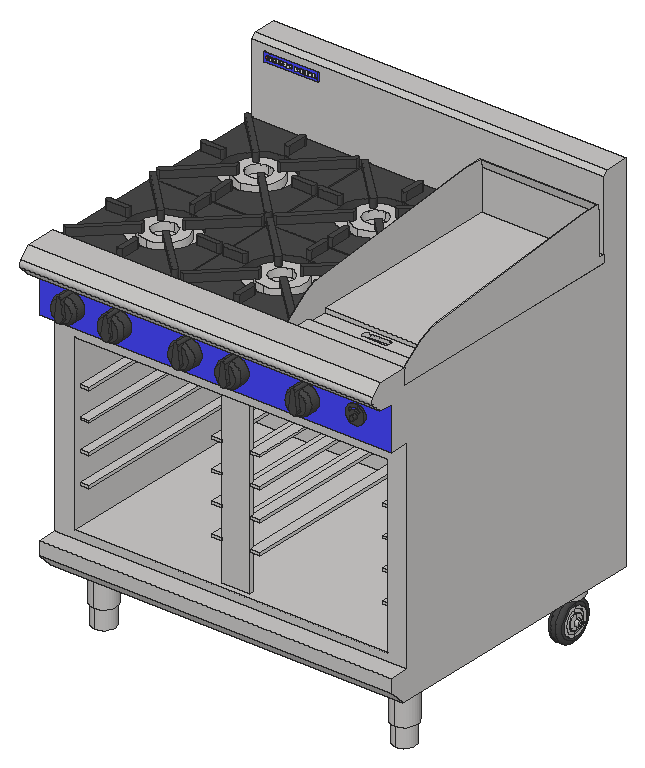
Revit family "QF_MOFFAT_BLUESEAL_CE_G516C-CB", category Specialty Equipment, Revit 2012
Parameters
  Width = 900 mm
  Weight in Pounds = 396  # constant formula
  URL Cutsheet = "www.moffat.com"
  URL = "www.moffat.com"
  Type Mark [instance] = ""
  Status [instance] = ""
  Specification by User [instance] = ""
  Specification by Manufacturer = ""
  Show Logo [instance] = yes
  Show Casters [instance] = yes
  Serial Number = ""
  Seismic Rating = ""
  SMACNA No = ""
  Revision Code [instance] = ""
  Omniclass Number and Title = ""
  NAFEM Spec ID Number = ""
  Model = "G516C-CB"
  Mechanical Remarks = ""
  Mechanical Connection Type = ""
  Masterspec = ""
  Manufacturer = "MOFFAT BLUESEAL"
  Legs [instance] = not(Show Casters)  # no
  Item Number [instance] = ""
  Installed By [instance] = ""
  Identify Quantity as Lot [instance] = yes
  Gas Size = 3/4"
  Gas RI Height = 0 mm
  Gas KW = 36.6
  Gas Input = 125111.0 Btu/h
  Gas Connection Height = 0 mm
  Furnished By [instance] = ""
  Foodservice Equipment Identifier [instance] = yes
  Description = "900MM GAS COOK TOP ON CABINET BASE"
  Depth = 812 mm
  CSI MasterFormat = ""
  CSI Master Format = ""
  Base Height [instance] = 150 mm
Reference planes
  plane 1 "BACK": y = 0
  plane 2: z = 0
  plane 3 "LEFT": x = 0
  plane 4 "RIGHT": x = 900
  plane 5 "FRONT": y = -812
  plane 6 "TOP": z = 970
  plane 7 "Center Y": x = 450
  plane 8 "Center X": y = -406
  plane 9 "Base Height": z = 150
  plane 10: z = 915
  plane 11: z = 1085
  plane 12: z = 740
  plane 13: x = 834
  plane 14: x = 65
  plane 15: y = -625
  plane 16: y = -100
Forms (mm)
  Extrusion 1, solid, material "QF_Finishes_Stainless Steel"
    sketch origin (0, 0, 0) x (0, 1, 0) y (0, 0, 1)
      loop
        line (0, 150) -> (0, 1085) -> (-57.5, 1085) -> (-70, 1072.5) -> (-70, 875) -> (-705.25, 875) -> (-705.25, 915) -> (-783.97, 915) -> (-808.485, 890.485)
        arc (-808.485, 890.485) -> (-811.999, 882) -> (-808.485, 873.515) r 12
        line (-808.485, 873.515) -> (-784.97, 850) -> (-749, 850) -> (-749, 740) -> (-130.5, 740) -> (-130.5, 222.5) -> (-749, 222.5) -> (-749, 186) -> (-713, 150) -> (0, 150)
    from 0 to 900
  Extrusion 2, void
    sketch origin (705, 3, 100) x (1, 0, 0) y (0, 1, 0)
      loop
        circle (65, -35) r 13.5
    from 640 to 570
  Revolve 3, solid, material "QF_Finishes_Black"
    sketch origin (90, 7, 760) x (0, 1, 0) y (0, 0, -1)
      loop
        line (-789, -69.5) -> (-766, -69.5) -> (-766, -42) -> (-756, -42) -> (-756, -37) -> (-800, -37) -> (-800, -63.651) -> (-789, -69.5)
      axis (-800, -37) -> (-756, -37)
    angle from 0 to 360
  Extrusion 4, solid, material "QF_Finishes_Black"
    sketch origin (228.27, 7, 760.158) x (-1, 0, 0) y (0, 0, -1)
      loop
        line (127.85, -26.037) -> (133.271, -68.955)
        arc (133.271, -68.955) -> (138.27, -73.842) -> (143.268, -68.955) r 5
        line (143.268, -68.955) -> (148.757, -24.87)
        arc (148.757, -24.87) -> (137.685, -14.371) -> (127.85, -26.037) r 10.487
    from 759 to 808
  Revolve 5, solid, material "QF_Finishes_Stainless Steel", visible <- "Legs"
    sketch origin (834, -165, 0) x (0, 1, 0) y (0, 0, -1)
      loop
        line (33.25, -150) -> (65, -150) -> (65, 0) -> (37.5, 0) -> (37.5, -50) -> (33.25, -50) -> (33.25, -150)
      axis (65, -150) -> (65, 0)
    angle from 0 to 360
  Revolve 6, solid, material "QF_Finishes_Stainless Steel"
    sketch origin (834, -728, 0) x (0, 1, 0) y (0, 0, -1)
      loop
        line (71.25, -150) -> (103, -150) -> (103, 0) -> (75.5, 0) -> (75.5, -50) -> (71.25, -50) -> (71.25, -150)
      axis (103, -150) -> (103, 0)
    angle from 0 to 360
  Extrusion 7, solid, material "QF_Finishes_Stainless Steel"
    sketch origin (0, -130.5, 735) x (0, 0, 1) y (-1, 0, 0)
      loop
        line (5, -900) -> (5, 0) -> (-512.5, 0) -> (-512.5, -900) -> (5, -900)
      loop
        line (-50, -850) -> (-50, -50) -> (-492.5, -50) -> (-492.5, -850) -> (-50, -850)
    from 0 to 568.5
  Extrusion 8, void
    sketch origin (0, 0, 150) x (-1, 0, 0) y (0, -1, 0)
      loop
        line (-824.497, 87.26) -> (-824.497, -30.24) -> (-694.997, -30.24) -> (-694.997, 38.76) -> (-743.497, 87.26) -> (-824.497, 87.26)
    from 72.5 to 590
  Extrusion 9, solid, material "QF_Finishes_Stainless Steel"
    sketch origin (0, -130.5, 735) x (0, 0, 1) y (-1, 0, 0)
      loop
        line (-50, -485.5) -> (-50, -414.5) -> (-492.5, -414.5) -> (-492.5, -485.5) -> (-50, -485.5)
    from 543.302 to 553.302
  Extrusion 10, solid, material "QF_Finishes_Stainless Steel"
    sketch origin (0, -130.5, 735) x (0, 0, 1) y (-1, 0, 0)
      loop
        line (-246.25, -414.5) -> (-239.9, -414.5) -> (-239.9, -389.5) -> (-246.25, -389.5) -> (-246.25, -414.5)
      loop
        line (-321.25, -414.5) -> (-314.9, -414.5) -> (-314.9, -389.5) -> (-321.25, -389.5) -> (-321.25, -414.5)
      loop
        line (-321.25, -50) -> (-321.25, -75) -> (-314.9, -75) -> (-314.9, -50) -> (-321.25, -50)
      loop
        line (-239.9, -75) -> (-239.9, -50) -> (-246.25, -50) -> (-246.25, -75) -> (-239.9, -75)
      loop
        line (-396.25, -414.5) -> (-389.9, -414.5) -> (-389.9, -389.5) -> (-396.25, -389.5) -> (-396.25, -414.5)
      loop
        line (-396.25, -50) -> (-396.25, -75) -> (-389.9, -75) -> (-389.9, -50) -> (-396.25, -50)
      loop
        line (-171.25, -414.5) -> (-164.9, -414.5) -> (-164.9, -389.5) -> (-171.25, -389.5) -> (-171.25, -414.5)
      loop
        line (-164.9, -75) -> (-164.9, -50) -> (-171.25, -50) -> (-171.25, -75) -> (-164.9, -75)
      loop
        line (-246.25, -485.5) -> (-246.25, -510.5) -> (-239.9, -510.5) -> (-239.9, -485.5) -> (-246.25, -485.5)
      loop
        line (-321.25, -485.5) -> (-321.25, -510.5) -> (-314.9, -510.5) -> (-314.9, -485.5) -> (-321.25, -485.5)
      loop
        line (-321.25, -850) -> (-314.9, -850) -> (-314.9, -825) -> (-321.25, -825) -> (-321.25, -850)
      loop
        line (-239.9, -825) -> (-246.25, -825) -> (-246.25, -850) -> (-239.9, -850) -> (-239.9, -825)
      loop
        line (-396.25, -485.5) -> (-396.25, -510.5) -> (-389.9, -510.5) -> (-389.9, -485.5) -> (-396.25, -485.5)
      loop
        line (-396.25, -850) -> (-389.9, -850) -> (-389.9, -825) -> (-396.25, -825) -> (-396.25, -850)
      loop
        line (-171.25, -485.5) -> (-171.25, -510.5) -> (-164.9, -510.5) -> (-164.9, -485.5) -> (-171.25, -485.5)
      loop
        line (-164.9, -825) -> (-171.25, -825) -> (-171.25, -850) -> (-164.9, -850) -> (-164.9, -825)
    from 0 to 553.302
  Extrusion 11, solid, material "QF_Finishes_Stainless Steel"
    sketch origin (705, -4.5, 740) x (0, 1, 0) y (1, 0, 0)
      loop
        circle (-27.5, 65) r 6.35
    from 0 to 1.6
  Revolve 12, solid, material "QF_Finishes_Stainless Steel", visible <- "Show Casters"
    sketch origin (784.648, -99.755, -13.653) x (1, 0, 0) y (0, 0, 1)
      loop
        line (14.841, 63.604) -> (83.584, 63.604) -> (83.584, 67.109) -> (82.314, 68.379) -> (80.79, 68.379) -> (80.79, 71.826) -> (68.644, 71.826) -> (68.644, 81.79) -> (65.088, 83.843) -> (63.738, 92.179) -> (65.881, 92.179) -> (65.881, 98.529) -> (65.088, 98.529) -> (65.088, 104.879)
        arc (65.088, 104.879) -> (62.298, 111.614) -> (55.563, 114.404) r 9.525
        line (55.563, 114.404) -> (42.863, 114.404)
        arc (42.863, 114.404) -> (36.127, 111.614) -> (33.338, 104.879) r 9.525
        line (33.338, 104.879) -> (33.338, 98.529) -> (32.544, 98.529) -> (32.544, 92.179) -> (34.687, 92.179) -> (33.352, 83.932) -> (29.782, 81.871) -> (29.782, 71.826) -> (17.635, 71.826) -> (17.635, 68.379) -> (16.111, 68.379) -> (14.841, 67.109) -> (14.841, 63.604)
      axis (14.841, 63.604) -> (83.584, 63.604)
    angle from 0 to 360
  Revolve 13, solid, material "QF_Finishes_Stainless Steel", visible <- "Show Casters"
    sketch origin (833.871, -203, 0) x (0, 1, 0) y (0, 0, 1)
      loop
        line (68.25, 150) -> (68.25, 110) -> (104, 110) -> (104, 150) -> (68.25, 150)
      axis (104, 150) -> (104, 110)
    angle from 0 to 360
  Revolve 14, solid, material "QF_Finishes_Stainless Steel", visible <- "Legs"
    sketch origin (65, -165, 0) x (0, 1, 0) y (0, 0, -1)
      loop
        line (33.25, -150) -> (65, -150) -> (65, 0) -> (37.5, 0) -> (37.5, -50) -> (33.25, -50) -> (33.25, -150)
      axis (65, -150) -> (65, 0)
    angle from 0 to 360
  Revolve 15, solid, material "QF_Finishes_Stainless Steel"
    sketch origin (65, -728, 0) x (0, 1, 0) y (0, 0, -1)
      loop
        line (71.25, -150) -> (103, -150) -> (103, 0) -> (75.5, 0) -> (75.5, -50) -> (71.25, -50) -> (71.25, -150)
      axis (103, -150) -> (103, 0)
    angle from 0 to 360
  Revolve 16, solid, material "QF_Finishes_Stainless Steel", visible <- "Show Casters"
    sketch origin (15.648, -99.755, -13.653) x (1, 0, 0) y (0, 0, 1)
      loop
        line (14.841, 63.604) -> (83.584, 63.604) -> (83.584, 67.109) -> (82.314, 68.379) -> (80.79, 68.379) -> (80.79, 71.826) -> (68.644, 71.826) -> (68.644, 81.79) -> (65.088, 83.843) -> (63.738, 92.179) -> (65.881, 92.179) -> (65.881, 98.529) -> (65.088, 98.529) -> (65.088, 104.879)
        arc (65.088, 104.879) -> (62.298, 111.614) -> (55.563, 114.404) r 9.525
        line (55.563, 114.404) -> (42.863, 114.404)
        arc (42.863, 114.404) -> (36.127, 111.614) -> (33.338, 104.879) r 9.525
        line (33.338, 104.879) -> (33.338, 98.529) -> (32.544, 98.529) -> (32.544, 92.179) -> (34.687, 92.179) -> (33.352, 83.932) -> (29.782, 81.871) -> (29.782, 71.826) -> (17.635, 71.826) -> (17.635, 68.379) -> (16.111, 68.379) -> (14.841, 67.109) -> (14.841, 63.604)
      axis (14.841, 63.604) -> (83.584, 63.604)
    angle from 0 to 360
  Revolve 17, solid, material "QF_Finishes_Stainless Steel", visible <- "Show Casters"
    sketch origin (64.871, -203, 0) x (0, 1, 0) y (0, 0, 1)
      loop
        line (68.25, 150) -> (68.25, 110) -> (104, 110) -> (104, 150) -> (68.25, 150)
      axis (104, 150) -> (104, 110)
    angle from 0 to 360
  Revolve 18, solid, material "QF_Finishes_Black"
    sketch origin (390, 7, 760) x (0, 1, 0) y (0, 0, -1)
      loop
        line (-789, -69.5) -> (-766, -69.5) -> (-766, -42) -> (-756, -42) -> (-756, -37) -> (-800, -37) -> (-800, -63.651) -> (-789, -69.5)
      axis (-800, -37) -> (-756, -37)
    angle from 0 to 360
  Extrusion 19, solid, material "QF_Finishes_Black"
    sketch origin (528.27, 7, 760.158) x (-1, 0, 0) y (0, 0, -1)
      loop
        line (127.85, -26.037) -> (133.271, -68.955)
        arc (133.271, -68.955) -> (138.27, -73.842) -> (143.268, -68.955) r 5
        line (143.268, -68.955) -> (148.757, -24.87)
        arc (148.757, -24.87) -> (137.685, -14.371) -> (127.85, -26.037) r 10.487
    from 759 to 808
  Revolve 20, solid, material "QF_Finishes_Black"
    sketch origin (690, 7, 760) x (0, 1, 0) y (0, 0, -1)
      loop
        line (-789, -69.5) -> (-766, -69.5) -> (-766, -42) -> (-756, -42) -> (-756, -37) -> (-800, -37) -> (-800, -63.651) -> (-789, -69.5)
      axis (-800, -37) -> (-756, -37)
    angle from 0 to 360
  Extrusion 21, solid, material "QF_Finishes_Black"
    sketch origin (828.27, 7, 760.158) x (-1, 0, 0) y (0, 0, -1)
      loop
        line (127.85, -26.037) -> (133.271, -68.955)
        arc (133.271, -68.955) -> (138.27, -73.842) -> (143.268, -68.955) r 5
        line (143.268, -68.955) -> (148.757, -24.87)
        arc (148.757, -24.87) -> (137.685, -14.371) -> (127.85, -26.037) r 10.487
    from 759 to 808
  Extrusion 22, solid, material "QF_Finishes_Black"
    sketch origin (0, -749, 850) x (0, 0, -1) y (1, 0, 0)
      loop
        circle (53, 810) r 23.9
      loop
        arc (45.641, 818.419) -> (46.501, 823.219) -> (41.701, 824.079) r 3.448
        arc (41.701, 824.079) -> (35.116, 809.341) -> (42.919, 795.209) r 18.095
        arc (42.919, 795.209) -> (47.641, 796.491) -> (46.326, 801.204) r 3.448
        arc (46.326, 801.204) -> (42.758, 809.683) -> (45.641, 818.419) r 13.109
    from 0 to 5
  Extrusion 23, solid, material "QF_Finishes_Black"
    sketch origin (0, -754, 850) x (0, 0, -1) y (1, 0, 0)
      loop
        circle (56.5, 810) r 5.75
    from 0 to 10
  Revolve 24, solid, material "QF_Finishes_Black"
    sketch origin (210, 7, 760) x (0, 1, 0) y (0, 0, -1)
      loop
        line (-789, -69.5) -> (-766, -69.5) -> (-766, -42) -> (-756, -42) -> (-756, -37) -> (-800, -37) -> (-800, -63.651) -> (-789, -69.5)
      axis (-800, -37) -> (-756, -37)
    angle from 0 to 360
  Extrusion 25, solid, material "QF_Finishes_Black"
    sketch origin (348.27, 7, 760.158) x (-1, 0, 0) y (0, 0, -1)
      loop
        line (127.85, -26.037) -> (133.271, -68.955)
        arc (133.271, -68.955) -> (138.27, -73.842) -> (143.268, -68.955) r 5
        line (143.268, -68.955) -> (148.757, -24.87)
        arc (148.757, -24.87) -> (137.685, -14.371) -> (127.85, -26.037) r 10.487
    from 759 to 808
  Revolve 26, solid, material "QF_Finishes_Black"
    sketch origin (510, 7, 760) x (0, 1, 0) y (0, 0, -1)
      loop
        line (-789, -69.5) -> (-766, -69.5) -> (-766, -42) -> (-756, -42) -> (-756, -37) -> (-800, -37) -> (-800, -63.651) -> (-789, -69.5)
      axis (-800, -37) -> (-756, -37)
    angle from 0 to 360
  Extrusion 27, solid, material "QF_Finishes_Black"
    sketch origin (648.27, 7, 760.158) x (-1, 0, 0) y (0, 0, -1)
      loop
        line (127.85, -26.037) -> (133.271, -68.955)
        arc (133.271, -68.955) -> (138.27, -73.842) -> (143.268, -68.955) r 5
        line (143.268, -68.955) -> (148.757, -24.87)
        arc (148.757, -24.87) -> (137.685, -14.371) -> (127.85, -26.037) r 10.487
    from 759 to 808
Cuts and joins
  Extrusion 2, Extrusion 8 cuts Extrusion 1
  joined: Extrusion 1, Extrusion 7
Lines and regions (mm)
  Split face 1
    outline origin (900, 0, 1085) x (-1, 0, 0) y (0, -1, 0)
      loop
        arc (856, 18.385) -> (864.66, 23.385) -> (864.66, 33.385) r 10
        line (864.66, 33.385) -> (860.619, 40.385)
        arc (860.619, 40.385) -> (856.959, 44.045) -> (851.959, 45.385) r 10
        line (851.959, 45.385) -> (624, 45.385)
        arc (624, 45.385) -> (615.34, 40.385) -> (615.34, 30.385) r 10
        line (615.34, 30.385) -> (619.381, 23.385)
        arc (619.381, 23.385) -> (623.041, 19.725) -> (628.041, 18.385) r 10
        line (628.041, 18.385) -> (856, 18.385)
  Split face 2
    outline origin (900, 0, 1085) x (-1, 0, 0) y (0, -1, 0)
      loop
        arc (44, 45.385) -> (35.34, 40.385) -> (35.34, 30.385) r 10
        line (35.34, 30.385) -> (39.381, 23.385)
        arc (39.381, 23.385) -> (43.041, 19.725) -> (48.041, 18.385) r 10
        line (48.041, 18.385) -> (276, 18.385)
        arc (276, 18.385) -> (284.66, 23.385) -> (284.66, 33.385) r 10
        line (284.66, 33.385) -> (280.619, 40.385)
        arc (280.619, 40.385) -> (276.959, 44.045) -> (271.959, 45.385) r 10
        line (271.959, 45.385) -> (44, 45.385)
  Split face 3
    outline origin (900, 0, 1085) x (-1, 0, 0) y (0, -1, 0)
      loop
        arc (566, 18.385) -> (574.66, 23.385) -> (574.66, 33.385) r 10
        line (574.66, 33.385) -> (570.619, 40.385)
        arc (570.619, 40.385) -> (566.959, 44.045) -> (561.959, 45.385) r 10
        line (561.959, 45.385) -> (334, 45.385)
        arc (334, 45.385) -> (325.34, 40.385) -> (325.34, 30.385) r 10
        line (325.34, 30.385) -> (329.381, 23.385)
        arc (329.381, 23.385) -> (333.041, 19.725) -> (338.041, 18.385) r 10
        line (338.041, 18.385) -> (566, 18.385)
  symbolic lines, style "SpecialityEquipmentHiddenLines", visible <- "Show Casters"
    curve 1: line (78.456, -46.735, 0) -> (105.952, -62.61, 0)
    curve 2: line (27.656, -134.723, 0) -> (78.456, -46.735, 0)
    curve 3: line (55.152, -150.598, 0) -> (27.656, -134.723, 0)
    curve 4: line (105.952, -62.61, 0) -> (55.152, -150.598, 0)
    curve 5: line (847.456, -46.735, 0) -> (874.952, -62.61, 0)
    curve 6: line (796.656, -134.723, 0) -> (847.456, -46.735, 0)
    curve 7: line (824.152, -150.598, 0) -> (796.656, -134.723, 0)
    curve 8: line (874.952, -62.61, 0) -> (824.152, -150.598, 0)
  symbolic lines
    curve 9: line (0, -783.97, 0) -> (900, -783.97, 0)
    curve 10: line (0, -811.999, 0) -> (900, -811.999, 0)
    curve 11: line (0, 0, 0) -> (0, -811.999, 0)
    curve 12: line (900, 0, 0) -> (0, 0, 0)
    curve 13: line (900, -811.999, 0) -> (900, 0, 0)
    curve 14: line (624, -18.385, 0) -> (851.959, -18.385, 0)
    curve 15: arc (851.959, -18.385, 0) -> (856.959, -19.725, 0) -> (860.619, -23.385, 0) r 10
    curve 16: line (860.619, -23.385, 0) -> (864.66, -30.385, 0)
    curve 17: arc (864.66, -30.385, 0) -> (864.66, -40.385, 0) -> (856, -45.385, 0) r 10
    curve 18: line (856, -45.385, 0) -> (628.041, -45.385, 0)
    curve 19: arc (628.041, -45.385, 0) -> (623.041, -44.045, 0) -> (619.381, -40.385, 0) r 10
    curve 20: line (619.381, -40.385, 0) -> (615.34, -33.385, 0)
    curve 21: arc (615.34, -33.385, 0) -> (615.34, -23.385, 0) -> (624, -18.385, 0) r 10
    curve 22: line (561.959, -18.385, 0) -> (334, -18.385, 0)
    curve 23: arc (334, -18.385, 0) -> (325.34, -23.385, 0) -> (325.34, -33.385, 0) r 10
    curve 24: line (325.34, -33.385, 0) -> (329.381, -40.385, 0)
    curve 25: arc (329.381, -40.385, 0) -> (333.041, -44.045, 0) -> (338.041, -45.385, 0) r 10
    curve 26: line (338.041, -45.385, 0) -> (566, -45.385, 0)
    curve 27: arc (566, -45.385, 0) -> (574.66, -40.385, 0) -> (574.66, -30.385, 0) r 10
    curve 28: line (574.66, -30.385, 0) -> (570.619, -23.385, 0)
    curve 29: arc (570.619, -23.385, 0) -> (566.959, -19.725, 0) -> (561.959, -18.385, 0) r 10
    curve 30: line (44, -18.385, 0) -> (271.959, -18.385, 0)
    curve 31: arc (271.959, -18.385, 0) -> (276.959, -19.725, 0) -> (280.619, -23.385, 0) r 10
    curve 32: line (280.619, -23.385, 0) -> (284.66, -30.385, 0)
    curve 33: arc (284.66, -30.385, 0) -> (284.66, -40.385, 0) -> (276, -45.385, 0) r 10
    curve 34: line (276, -45.385, 0) -> (48.041, -45.385, 0)
    curve 35: arc (48.041, -45.385, 0) -> (43.041, -44.045, 0) -> (39.381, -40.385, 0) r 10
    curve 36: line (39.381, -40.385, 0) -> (35.34, -33.385, 0)
    curve 37: arc (35.34, -33.385, 0) -> (35.34, -23.385, 0) -> (44, -18.385, 0) r 10
    curve 38: line (0, -705.25, 0) -> (900, -705.25, 0)
    curve 39: line (0, -57.5, 0) -> (900, -57.5, 0)
    curve 40: line (0, -70, 0) -> (900, -70, 0)
Dimensions and locks
  equal spacing: plane 3 "LEFT", plane 7 "Center Y", plane 4 "RIGHT"
  "Width": plane 3 "LEFT" to plane 4 "RIGHT"
  equal spacing: plane 5 "FRONT", plane 8 "Center X", plane 1 "BACK"
  "Depth": plane 5 "FRONT" to plane 1 "BACK"
  "Base Height": plane 9 "Base Height" to level
  plane 10 to level = 915 mm
  cut or joined group of Extrusion 1, Extrusion 2, Extrusion 7, Extrusion 8 to level = 740 mm
  plane 11 to plane 2 = 1085 mm
  plane 2 to plane 12 = 740 mm
  plane 13 to plane 14 = 769 mm
  plane 16 to plane 15 = 525 mm
  plane 1 "BACK" to plane 16 = 100 mm
  Revolve 12 sketch curve to Revolve 12 sketch curve = 50.8 mm
  Extrusion 11 sketch curve to plane 4 "RIGHT" = 130 mm
  Revolve 16 sketch curve to Revolve 16 sketch curve = 50.8 mm
  Extrusion 11 sketch curve to plane 1 "BACK" = 32 mm
  aligned and locked: level to plane 2
Automatic sketch dimensions
  plane 1 "BACK" to curve 12 = 0 mm
  curve 12 to plane 3 "LEFT" = 0 mm
  curve 10 to plane 4 "RIGHT" = 0 mm
  plane 3 "LEFT" to curve 2 = 27.656 mm
  curve 36 to plane 14 = 29.66 mm
  curve 37 to curve 35 = 4.041 mm  (x2)
  curve 37 to curve 37 = 8.66 mm
  curve 4 to plane 14 = 9.848 mm
  plane 14 to curve 1 = 13.456 mm
  plane 1 "BACK" to curve 30 = 18.385 mm
  curve 1 to curve 30 = 166.007 mm
  curve 31 to curve 34 = 4.041 mm
  curve 30 to curve 31 = 8.66 mm
  plane 1 "BACK" to curve 32 = 30.385 mm
  curve 31 to curve 32 = 4.041 mm
  plane 1 "BACK" to curve 24 = 33.385 mm
  curve 32 to curve 24 = 40.679 mm
  curve 24 to curve 25 = 4.041 mm
  curve 23 to curve 22 = 8.66 mm
  curve 25 to curve 25 = 8.66 mm
  plane 1 "BACK" to curve 29 = 28.385 mm
  plane 7 "Center Y" to curve 29 = 111.959 mm
  curve 29 to curve 27 = 4.041 mm
  curve 22 to curve 29 = 8.66 mm
  plane 1 "BACK" to curve 28 = 30.385 mm
  curve 29 to curve 28 = 4.041 mm
  plane 1 "BACK" to curve 20 = 33.385 mm
  curve 28 to curve 20 = 40.679 mm
  plane 1 "BACK" to curve 20 = 40.385 mm
  curve 20 to curve 20 = 4.041 mm
  curve 20 to curve 21 = 8.66 mm
  curve 21 to curve 19 = 4.041 mm
  curve 6 to plane 13 = 37.344 mm
  curve 8 to plane 13 = 9.848 mm
  plane 13 to curve 6 = 13.456 mm
  plane 13 to curve 15 = 17.959 mm
  curve 15 to curve 17 = 4.041 mm
  curve 14 to curve 16 = 8.66 mm
  curve 16 to curve 16 = 4.041 mm
  curve 35 to curve 30 = 27 mm
  curve 19 to curve 19 = 5 mm
  curve 25 to curve 23 = 12 mm
  curve 1 to curve 35 = 1.35 mm
  curve 5 to curve 17 = 1.35 mm
  curve 39 to plane 16 = 42.5 mm
  curve 8 to curve 39 = 5.11 mm
  curve 1 to curve 1 = 15.875 mm
  curve 40 to curve 39 = 12.5 mm
  plane 15 to curve 38 = 80.25 mm
  curve 9 to plane 5 "FRONT" = 28.03 mm
  curve 10 to plane 5 "FRONT" = 0.001 mm
  curve 25 to curve 24 = 7 mm
  curve 34 to curve 35 = 5 mm
  curve 18 to curve 17 = 10 mm
  curve 35 to curve 37 = 7 mm
  curve 25 to curve 23 = 7 mm
  curve 19 to curve 21 = 7 mm
  curve 33 to curve 31 = 7 mm
  curve 17 to curve 15 = 7 mm
  Extrusion 1 sketch curve to plane 10 = 0 mm
  plane 12 to Extrusion 1 sketch curve = 0 mm
  Extrusion 1 sketch curve to plane 9 "Base Height" = 0 mm
  Extrusion 1 sketch curve to plane 11 = 0 mm
  Extrusion 1 sketch curve to plane 1 "BACK" = 0 mm
  Extrusion 1 sketch curve to plane 16 = 42.5 mm
  Extrusion 1 sketch curve to plane 16 = 30 mm
  plane 16 to Extrusion 1 sketch curve = 30.5 mm
  plane 15 to Extrusion 1 sketch curve = 80.25 mm
  plane 15 to Extrusion 1 sketch curve = 88 mm
  Extrusion 1 sketch curve to plane 5 "FRONT" = 63 mm  (x2)
  Extrusion 1 sketch curve to plane 5 "FRONT" = 28.03 mm
  Extrusion 1 sketch curve to plane 5 "FRONT" = 27.03 mm
  Extrusion 1 sketch curve to plane 5 "FRONT" = 12.001 mm
  Extrusion 1 sketch curve to plane 5 "FRONT" = 3.515 mm  (x2)
  plane 9 "Base Height" to Extrusion 1 sketch curve = 36 mm
  Extrusion 1 sketch curve to Extrusion 1 sketch curve = 36.5 mm
  Extrusion 1 sketch curve to plane 10 = 65 mm
  Extrusion 1 sketch curve to Extrusion 1 sketch curve = 23.515 mm
  Extrusion 1 sketch curve to plane 10 = 40 mm
  Extrusion 1 sketch curve to Extrusion 1 sketch curve = 8.485 mm
  Extrusion 1 sketch curve to plane 11 = 12.5 mm
  plane 1 "BACK" to Extrusion 2 sketch curve = 32 mm
  Extrusion 2 sketch curve to plane 13 = 64 mm
  Revolve 3 sketch curve to plane 5 "FRONT" = 19 mm
  Revolve 3 sketch curve to Revolve 3 sketch curve = 0 mm  (x2)
  Revolve 3 sketch curve to Revolve 3 sketch curve = 11 mm
  Revolve 3 sketch curve to Revolve 3 sketch curve = 12.7 mm
  Revolve 3 sketch curve to Revolve 3 sketch curve = 23 mm
  Revolve 3 sketch curve to Revolve 3 sketch curve = 10 mm
  Revolve 3 sketch curve to plane 10 = 85.5 mm
  Revolve 3 sketch curve to Revolve 3 sketch curve = 5.849 mm
  Revolve 3 sketch curve to Revolve 3 sketch curve = 27.5 mm
  Revolve 3 sketch curve to Revolve 3 sketch curve = 5 mm
  plane 14 to Extrusion 4 sketch curve = 35.419 mm
  plane 14 to Extrusion 4 sketch curve = 29.999 mm
  Extrusion 4 sketch curve to Extrusion 4 sketch curve = 10.419 mm
  Extrusion 4 sketch curve to Extrusion 4 sketch curve = 4.999 mm  (x2)
  Extrusion 4 sketch curve to Extrusion 4 sketch curve = 10.487 mm
  Extrusion 4 sketch curve to plane 10 = 85.887 mm
  Extrusion 4 sketch curve to Extrusion 4 sketch curve = 0.113 mm
  Extrusion 4 sketch curve to Extrusion 4 sketch curve = 42.919 mm
  Extrusion 4 sketch curve to Extrusion 4 sketch curve = 1.167 mm
  Revolve 5 sketch curve to plane 9 "Base Height" = 0 mm
  Revolve 5 sketch curve to level = 0 mm
  Revolve 5 sketch curve to plane 16 = 0 mm  (x2)
  plane 16 to Revolve 5 sketch curve = 27.5 mm
  plane 16 to Revolve 5 sketch curve = 31.75 mm
  level to Revolve 5 sketch curve = 50 mm
  Revolve 5 sketch curve to Revolve 5 sketch curve = 0 mm
  Revolve 5 sketch curve to Revolve 5 sketch curve = 55 mm
  Revolve 6 sketch curve to plane 9 "Base Height" = 0 mm
  Revolve 6 sketch curve to level = 0 mm
  Revolve 6 sketch curve to plane 15 = 0 mm  (x2)
  plane 15 to Revolve 6 sketch curve = 27.5 mm
  plane 15 to Revolve 6 sketch curve = 31.75 mm
  level to Revolve 6 sketch curve = 50 mm
  Revolve 6 sketch curve to Revolve 6 sketch curve = 0 mm
  Revolve 6 sketch curve to Revolve 6 sketch curve = 55 mm
  Extrusion 1 to Extrusion 7 sketch curve = 0 mm
  Extrusion 7 sketch curve to Extrusion 1 = 0 mm  (x3)
  Extrusion 1 to Extrusion 7 sketch curve = 20 mm
  Extrusion 7 sketch curve to Extrusion 1 = 55 mm
  Extrusion 1 to Extrusion 7 sketch curve = 50 mm  (x2)
  Extrusion 8 sketch curve to plane 13 = 9.503 mm
  Extrusion 8 sketch curve to plane 16 = 12.74 mm
  Extrusion 8 sketch curve to Extrusion 8 sketch curve = 81 mm
  Extrusion 8 sketch curve to Extrusion 8 sketch curve = 48.5 mm
  plane 1 "BACK" to Extrusion 8 sketch curve = 38.76 mm
  Extrusion 8 sketch curve to plane 1 "BACK" = 30.24 mm
  Extrusion 1 to Extrusion 9 sketch curve = 20 mm
  Extrusion 9 sketch curve to Extrusion 1 = 55 mm
  Extrusion 1 to Extrusion 9 sketch curve = 414.5 mm
  Extrusion 9 sketch curve to Extrusion 9 sketch curve = 71 mm
  Extrusion 1 to Extrusion 10 sketch curve = 116.25 mm  (x3)
  Extrusion 10 sketch curve to Extrusion 10 sketch curve = 0 mm  (x6)
  Extrusion 1 to Extrusion 10 sketch curve = 50 mm  (x4)
  Extrusion 10 sketch curve to Extrusion 10 sketch curve = 6.35 mm  (x16)
  Extrusion 10 sketch curve to Extrusion 10 sketch curve = 68.65 mm  (x12)
  Extrusion 10 sketch curve to Extrusion 10 sketch curve = 25 mm  (x16)
  Extrusion 10 sketch curve to Extrusion 10 sketch curve = 314.5 mm
  Extrusion 10 sketch curve to Extrusion 10 sketch curve = 71 mm  (x4)
  Extrusion 1 to Extrusion 10 sketch curve = 75 mm  (x2)
  Split face 1 sketch curve to cut or joined group of Extrusion 1, Extrusion 2, Extrusion 7, Extrusion 8 = 27.115 mm
  Split face 1 sketch curve to cut or joined group of Extrusion 1, Extrusion 2, Extrusion 7, Extrusion 8 = 284.66 mm
  Split face 1 sketch curve to Split face 1 sketch curve = 4.041 mm  (x4)
  Split face 1 sketch curve to Split face 1 sketch curve = 8.66 mm  (x2)
  Split face 1 sketch curve to cut or joined group of Extrusion 1, Extrusion 2, Extrusion 7, Extrusion 8 = 12.115 mm
  Split face 1 sketch curve to cut or joined group of Extrusion 1, Extrusion 2, Extrusion 7, Extrusion 8 = 48.041 mm
  Split face 1 sketch curve to Split face 1 sketch curve = 7 mm  (x3)
  Split face 1 sketch curve to Split face 1 sketch curve = 17 mm
  Split face 2 sketch curve to cut or joined group of Extrusion 1, Extrusion 2, Extrusion 7, Extrusion 8 = 35.34 mm
  Split face 2 sketch curve to Split face 2 sketch curve = 4.041 mm  (x4)
  Split face 2 sketch curve to Split face 2 sketch curve = 8.66 mm  (x2)
  Split face 2 sketch curve to cut or joined group of Extrusion 1, Extrusion 2, Extrusion 7, Extrusion 8 = 22.115 mm
  Split face 2 sketch curve to Split face 2 sketch curve = 223.917 mm
  Split face 2 sketch curve to cut or joined group of Extrusion 1, Extrusion 2, Extrusion 7, Extrusion 8 = 17.115 mm
  Split face 2 sketch curve to Split face 2 sketch curve = 10 mm
  Split face 2 sketch curve to Split face 2 sketch curve = 7 mm  (x3)
  Split face 3 sketch curve to cut or joined group of Extrusion 1, Extrusion 2, Extrusion 7, Extrusion 8 = 27.115 mm
  Split face 3 sketch curve to cut or joined group of Extrusion 1, Extrusion 2, Extrusion 7, Extrusion 8 = 325.34 mm
  Split face 3 sketch curve to Split face 3 sketch curve = 4.041 mm  (x4)
  Split face 3 sketch curve to Split face 3 sketch curve = 8.66 mm  (x2)
  Split face 3 sketch curve to cut or joined group of Extrusion 1, Extrusion 2, Extrusion 7, Extrusion 8 = 12.115 mm
  Split face 3 sketch curve to Split face 3 sketch curve = 223.917 mm
  Split face 3 sketch curve to Split face 3 sketch curve = 7 mm  (x3)
  Split face 3 sketch curve to Split face 3 sketch curve = 17 mm
  Revolve 12 sketch curve to plane 13 = 34.511 mm
  Revolve 12 sketch curve to Revolve 12 sketch curve = 1.27 mm  (x4)
  Revolve 12 sketch curve to Revolve 12 sketch curve = 1.524 mm  (x2)
  Revolve 12 sketch curve to Revolve 12 sketch curve = 12.146 mm  (x2)
  Revolve 12 sketch curve to plane 13 = 16.809 mm
  Revolve 12 sketch curve to Revolve 12 sketch curve = 0.794 mm  (x2)
  Revolve 12 sketch curve to Revolve 12 sketch curve = 3.57 mm
  Revolve 12 sketch curve to Revolve 12 sketch curve = 2.143 mm
  Revolve 12 sketch curve to plane 13 = 6.49 mm
  plane 13 to Revolve 12 sketch curve = 5.001 mm
  plane 13 to Revolve 12 sketch curve = 6.21 mm
  plane 13 to Revolve 12 sketch curve = 14.386 mm
  Revolve 12 sketch curve to Revolve 12 sketch curve = 1.349 mm  (x2)
  Revolve 12 sketch curve to Revolve 12 sketch curve = 3.556 mm
  Revolve 12 sketch curve to plane 4 "RIGHT" = 1.551 mm
  level to Revolve 12 sketch curve = 49.952 mm
  Revolve 12 sketch curve to Revolve 12 sketch curve = 0 mm
  Revolve 12 sketch curve to Revolve 12 sketch curve = 3.505 mm  (x2)
  Revolve 12 sketch curve to Revolve 12 sketch curve = 3.447 mm  (x2)
  Revolve 12 sketch curve to Revolve 12 sketch curve = 9.964 mm
  Revolve 12 sketch curve to Revolve 12 sketch curve = 10.045 mm
  Revolve 12 sketch curve to Revolve 12 sketch curve = 2.053 mm
  Revolve 12 sketch curve to Revolve 12 sketch curve = 2.061 mm
  Revolve 12 sketch curve to Revolve 12 sketch curve = 8.247 mm
  Revolve 12 sketch curve to Revolve 12 sketch curve = 8.336 mm
  Revolve 12 sketch curve to Revolve 12 sketch curve = 6.35 mm  (x2)
  Revolve 13 sketch curve to plane 9 "Base Height" = 0 mm
  plane 16 to Revolve 13 sketch curve = 34.75 mm
  Revolve 13 sketch curve to plane 16 = 1 mm  (x2)
  Revolve 13 sketch curve to plane 9 "Base Height" = 40 mm
  level to Revolve 13 sketch curve = 50 mm
  Revolve 13 sketch curve to level = 55 mm
  Revolve 14 sketch curve to plane 9 "Base Height" = 0 mm
  Revolve 14 sketch curve to level = 0 mm
  Revolve 14 sketch curve to plane 16 = 0 mm  (x2)
  plane 16 to Revolve 14 sketch curve = 27.5 mm
  plane 16 to Revolve 14 sketch curve = 31.75 mm
  level to Revolve 14 sketch curve = 50 mm
  Revolve 14 sketch curve to Revolve 14 sketch curve = 0 mm
  Revolve 14 sketch curve to Revolve 14 sketch curve = 55 mm
  Revolve 15 sketch curve to plane 9 "Base Height" = 0 mm
  Revolve 15 sketch curve to level = 0 mm
  Revolve 15 sketch curve to plane 15 = 0 mm  (x2)
  plane 15 to Revolve 15 sketch curve = 27.5 mm
  plane 15 to Revolve 15 sketch curve = 31.75 mm
  level to Revolve 15 sketch curve = 50 mm
  Revolve 15 sketch curve to Revolve 15 sketch curve = 0 mm
  Revolve 15 sketch curve to Revolve 15 sketch curve = 55 mm
  plane 3 "LEFT" to Revolve 16 sketch curve = 30.489 mm
  Revolve 16 sketch curve to Revolve 16 sketch curve = 1.27 mm  (x4)
  Revolve 16 sketch curve to Revolve 16 sketch curve = 1.524 mm  (x2)
  Revolve 16 sketch curve to Revolve 16 sketch curve = 12.146 mm  (x2)
  Revolve 16 sketch curve to plane 14 = 16.809 mm
  Revolve 16 sketch curve to Revolve 16 sketch curve = 0.794 mm  (x2)
  Revolve 16 sketch curve to Revolve 16 sketch curve = 3.57 mm
  Revolve 16 sketch curve to Revolve 16 sketch curve = 2.143 mm
  Revolve 16 sketch curve to plane 14 = 6.49 mm
  plane 14 to Revolve 16 sketch curve = 5.001 mm
  plane 14 to Revolve 16 sketch curve = 6.21 mm
  plane 14 to Revolve 16 sketch curve = 14.386 mm
  Revolve 16 sketch curve to Revolve 16 sketch curve = 1.349 mm  (x2)
  Revolve 16 sketch curve to Revolve 16 sketch curve = 3.556 mm
  Revolve 16 sketch curve to Revolve 16 sketch curve = 33.32 mm
  level to Revolve 16 sketch curve = 49.952 mm
  Revolve 16 sketch curve to Revolve 16 sketch curve = 0 mm
  Revolve 16 sketch curve to Revolve 16 sketch curve = 3.505 mm  (x2)
  Revolve 16 sketch curve to Revolve 16 sketch curve = 3.447 mm  (x2)
  Revolve 16 sketch curve to Revolve 16 sketch curve = 9.964 mm
  Revolve 16 sketch curve to Revolve 16 sketch curve = 10.045 mm
  Revolve 16 sketch curve to Revolve 16 sketch curve = 2.053 mm
  Revolve 16 sketch curve to Revolve 16 sketch curve = 2.061 mm
  Revolve 16 sketch curve to Revolve 16 sketch curve = 8.247 mm
  Revolve 16 sketch curve to Revolve 16 sketch curve = 8.336 mm
  Revolve 16 sketch curve to Revolve 16 sketch curve = 6.35 mm  (x2)
  Revolve 17 sketch curve to plane 9 "Base Height" = 0 mm
  plane 16 to Revolve 17 sketch curve = 34.75 mm
  Revolve 17 sketch curve to plane 16 = 1 mm  (x2)
  Revolve 17 sketch curve to plane 9 "Base Height" = 40 mm
  level to Revolve 17 sketch curve = 50 mm
  Revolve 17 sketch curve to level = 55 mm
  Revolve 18 sketch curve to plane 5 "FRONT" = 19 mm
  Revolve 18 sketch curve to Revolve 18 sketch curve = 0 mm  (x2)
  Revolve 18 sketch curve to Revolve 18 sketch curve = 11 mm
  Revolve 18 sketch curve to Revolve 18 sketch curve = 12.7 mm
  Revolve 18 sketch curve to Revolve 18 sketch curve = 23 mm
  Revolve 18 sketch curve to Revolve 18 sketch curve = 10 mm
  Revolve 18 sketch curve to plane 10 = 85.5 mm
  Revolve 18 sketch curve to Revolve 18 sketch curve = 5.849 mm
  Revolve 18 sketch curve to Revolve 18 sketch curve = 27.5 mm
  Revolve 18 sketch curve to Revolve 18 sketch curve = 5 mm
  Extrusion 19 sketch curve to plane 7 "Center Y" = 49.581 mm
  Extrusion 19 sketch curve to Extrusion 19 sketch curve = 5.421 mm
  Extrusion 19 sketch curve to Extrusion 19 sketch curve = 10.419 mm
  Extrusion 19 sketch curve to Extrusion 19 sketch curve = 4.999 mm  (x2)
  Extrusion 19 sketch curve to Extrusion 19 sketch curve = 10.487 mm
  Extrusion 19 sketch curve to plane 10 = 85.887 mm
  Extrusion 19 sketch curve to Extrusion 19 sketch curve = 0.113 mm
  Extrusion 19 sketch curve to Extrusion 19 sketch curve = 42.919 mm
  Extrusion 19 sketch curve to Extrusion 19 sketch curve = 1.167 mm
  Revolve 20 sketch curve to plane 5 "FRONT" = 19 mm
  Revolve 20 sketch curve to Revolve 20 sketch curve = 0 mm  (x2)
  Revolve 20 sketch curve to Revolve 20 sketch curve = 11 mm
  Revolve 20 sketch curve to Revolve 20 sketch curve = 12.7 mm
  Revolve 20 sketch curve to Revolve 20 sketch curve = 23 mm
  Revolve 20 sketch curve to Revolve 20 sketch curve = 10 mm
  Revolve 20 sketch curve to plane 10 = 85.5 mm
  Revolve 20 sketch curve to Revolve 20 sketch curve = 5.849 mm
  Revolve 20 sketch curve to Revolve 20 sketch curve = 27.5 mm
  Revolve 20 sketch curve to Revolve 20 sketch curve = 5 mm
  Extrusion 21 sketch curve to plane 12 = 46.195 mm
  Extrusion 21 sketch curve to plane 13 = 133.581 mm
  Extrusion 21 sketch curve to Extrusion 21 sketch curve = 5.421 mm
  Extrusion 21 sketch curve to Extrusion 21 sketch curve = 10.419 mm
  Extrusion 21 sketch curve to Extrusion 21 sketch curve = 4.999 mm  (x2)
  Extrusion 21 sketch curve to plane 10 = 85.887 mm
  Extrusion 21 sketch curve to Extrusion 21 sketch curve = 10.487 mm
  Extrusion 21 sketch curve to Extrusion 21 sketch curve = 0.113 mm
  Extrusion 21 sketch curve to Extrusion 21 sketch curve = 1.167 mm
  Extrusion 1 to Extrusion 22 sketch curve = 41.701 mm
  Extrusion 22 sketch curve to Extrusion 22 sketch curve = 1.218 mm
  Extrusion 22 sketch curve to Extrusion 22 sketch curve = 1.97 mm  (x2)
  Extrusion 22 sketch curve to Extrusion 22 sketch curve = 1.724 mm
  Extrusion 22 sketch curve to Extrusion 22 sketch curve = 1.683 mm
  Extrusion 22 sketch curve to Extrusion 22 sketch curve = 6.674 mm
  Extrusion 22 sketch curve to Extrusion 22 sketch curve = 0.195 mm
  Extrusion 22 sketch curve to Extrusion 22 sketch curve = 2.662 mm
  Extrusion 1 to Extrusion 22 sketch curve = 104.791 mm
  Extrusion 22 sketch curve to Extrusion 22 sketch curve = 2.986 mm
  Extrusion 22 sketch curve to Extrusion 22 sketch curve = 8.796 mm
  Extrusion 22 sketch curve to Extrusion 22 sketch curve = 0.103 mm
  Extrusion 22 sketch curve to Extrusion 22 sketch curve = 0.102 mm
  Revolve 24 sketch curve to plane 5 "FRONT" = 19 mm
  Revolve 24 sketch curve to Revolve 24 sketch curve = 0 mm  (x2)
  Revolve 24 sketch curve to Revolve 24 sketch curve = 11 mm
  Revolve 24 sketch curve to Revolve 24 sketch curve = 12.7 mm
  Revolve 24 sketch curve to Revolve 24 sketch curve = 23 mm
  Revolve 24 sketch curve to Revolve 24 sketch curve = 10 mm
  Revolve 24 sketch curve to plane 10 = 85.5 mm
  Revolve 24 sketch curve to Revolve 24 sketch curve = 5.849 mm
  Revolve 24 sketch curve to Revolve 24 sketch curve = 27.5 mm
  Revolve 24 sketch curve to Revolve 24 sketch curve = 5 mm
  Extrusion 25 sketch curve to plane 12 = 46.195 mm
  plane 14 to Extrusion 25 sketch curve = 155.419 mm
  Extrusion 25 sketch curve to Extrusion 25 sketch curve = 5.421 mm
  Extrusion 25 sketch curve to Extrusion 25 sketch curve = 10.419 mm
  Extrusion 25 sketch curve to Extrusion 25 sketch curve = 4.999 mm  (x2)
  Extrusion 25 sketch curve to plane 10 = 85.887 mm
  Extrusion 25 sketch curve to Extrusion 25 sketch curve = 10.487 mm
  Extrusion 25 sketch curve to Extrusion 25 sketch curve = 0.113 mm
  Extrusion 25 sketch curve to Extrusion 25 sketch curve = 1.167 mm
  Revolve 26 sketch curve to plane 5 "FRONT" = 19 mm
  Revolve 26 sketch curve to Revolve 26 sketch curve = 0 mm  (x2)
  Revolve 26 sketch curve to Revolve 26 sketch curve = 11 mm
  Revolve 26 sketch curve to Revolve 26 sketch curve = 12.7 mm
  Revolve 26 sketch curve to Revolve 26 sketch curve = 23 mm
  Revolve 26 sketch curve to Revolve 26 sketch curve = 10 mm
  Revolve 26 sketch curve to plane 10 = 85.5 mm
  Revolve 26 sketch curve to Revolve 26 sketch curve = 5.849 mm
  Revolve 26 sketch curve to Revolve 26 sketch curve = 27.5 mm
  Revolve 26 sketch curve to Revolve 26 sketch curve = 5 mm
  plane 7 "Center Y" to Extrusion 27 sketch curve = 70.419 mm
  Extrusion 27 sketch curve to Extrusion 27 sketch curve = 5.421 mm
  Extrusion 27 sketch curve to Extrusion 27 sketch curve = 10.419 mm
  Extrusion 27 sketch curve to Extrusion 27 sketch curve = 4.999 mm  (x2)
  Extrusion 27 sketch curve to Extrusion 27 sketch curve = 10.487 mm
  Extrusion 27 sketch curve to plane 10 = 85.887 mm
  Extrusion 27 sketch curve to Extrusion 27 sketch curve = 0.113 mm
  Extrusion 27 sketch curve to Extrusion 27 sketch curve = 42.919 mm
  Extrusion 27 sketch curve to Extrusion 27 sketch curve = 1.167 mm
  radius of Extrusion 2 sketch curve = 13.5 mm
  radius of Extrusion 11 sketch curve = 6.35 mm
  radius of Extrusion 22 sketch curve = 23.9 mm
  radius of Extrusion 23 sketch curve = 5.75 mm
Nested families
  nested 1: "WALDORF LOGO_FACE BASE" at (32, -70, 1056.885) x (1, 0, 0) z (0, -1, 0), visible <- "Show Logo", type "WALDORF LOGO_FACE BASE", detail levels medium+fine
    with Show Logo yes
  nested 2: "GAS BURNER 600 & GRIDDLE 300" at (0, -70, 875.195), type "GAS BURNER 600 & GRIDDLE 300"
    with Width 900 mm, Type Mark "", Status "", Specification by User "", Revision Code "", Item Number "", Installed By "", Identify Quantity as Lot yes, Furnished By "", Foodservice Equipment Identifier yes, Depth 635 mm
Connectors
  piping at (770, -32, 738.4)
    settings: on Extrusion 11, index 1, connector radius 0.37402", flow factor 0, pipe flow 0 GPM, pressure drop 0.00 psi, fitting loss kfactor 0, connector angle 0.00°, fixture units 0, engagement length 0 mm, flow configuration 1, flow direction 1, fitting loss method 0, system type 7, joint type 0, gender type 0, connector reference index -1, connector utility 0, adjustable connector no, is connector primary yes, fitting loss table "", connector description "GAS CONNECTION"
Definition of nested family "WALDORF LOGO_FACE BASE"
  Parameters (values of type "WALDORF LOGO_FACE BASE")
    Show Logo [instance] = yes
    Default Elevation = 1219.2 mm
  Reference planes
    plane 1 "Center (Front/Back)": y = 0
    plane 2: z = 0
    plane 3 "Center (Left/Right)": x = 0
  Forms (mm)
    Extrusion 1, solid
      sketch origin (0, 0, 0) x (1, 0, 0) y (0, 1, 0)
        loop
          line (-1219.2, 1219.2) -> (-1219.2, -1219.2) -> (1219.2, -1219.2) -> (1219.2, 1219.2) -> (-1219.2, 1219.2)
      from 0 to -304.8
    Extrusion 2, solid, material "QF_Finishes_Blue", visible <- "Show Logo"
      sketch origin (0, -33.217, 0) x (1, 0, 0) y (0, 1, 0)
        loop
          arc (138, 31.942) -> (137.626, 32.844) -> (136.724, 33.217) r 1.276
          line (136.724, 33.217) -> (1.29, 33.217)
          arc (1.29, 33.217) -> (0.378, 32.839) -> (0, 31.927) r 1.29
          line (0, 31.927) -> (0, 11.507)
          arc (0, 11.507) -> (0.378, 10.595) -> (1.29, 10.217) r 1.29
          line (1.29, 10.217) -> (136.71, 10.217)
          arc (136.71, 10.217) -> (137.622, 10.595) -> (138, 11.507) r 1.29
          line (138, 11.507) -> (138, 31.942)
      from 0 to 1.588
    Extrusion 3, solid, material "QF_Finishes_White", visible <- "Show Logo"
      sketch origin (0, -33.217, 1.588) x (1, 0, 0) y (0, 1, 0)
        loop
          arc (108.946, 25.919) -> (107.613, 25.367) -> (107.061, 24.034) r 1.885
          line (107.061, 24.034) -> (107.061, 17.211) -> (112.704, 17.211) -> (112.704, 19.129) -> (115.546, 19.129) -> (115.546, 17.211) -> (121.584, 17.211) -> (121.584, 24.075)
          arc (121.584, 24.075) -> (121.043, 25.379) -> (119.739, 25.919) r 1.845
          line (119.739, 25.919) -> (108.946, 25.919)
        loop
          line (123.478, 25.919) -> (123.478, 17.163) -> (134.904, 17.163) -> (134.904, 19.129) -> (129.246, 19.129) -> (129.246, 25.919) -> (123.478, 25.919)
        loop
          line (112.704, 21.258) -> (115.546, 21.258) -> (115.546, 22.702)
          arc (115.546, 22.702) -> (115.344, 23.188) -> (114.858, 23.389) r 0.687
          line (114.858, 23.389) -> (113.363, 23.389)
          arc (113.363, 23.389) -> (112.897, 23.196) -> (112.704, 22.73) r 0.658
          line (112.704, 22.73) -> (112.704, 21.258)
        loop
          line (105.071, 25.919) -> (93.771, 25.919) -> (93.771, 17.163) -> (105.071, 17.163) -> (105.071, 19.063) -> (99.535, 19.063) -> (99.535, 20.437) -> (105.071, 20.437) -> (105.071, 22.278) -> (99.535, 22.278) -> (99.535, 23.587) -> (105.071, 23.587) -> (105.071, 25.919)
        loop
          line (91.104, 25.919) -> (79.541, 25.919)
          arc (79.541, 25.919) -> (78.558, 25.513) -> (78.152, 24.53) r 1.389
          line (78.152, 24.53) -> (78.152, 22.08)
          arc (78.152, 22.08) -> (78.558, 21.098) -> (79.541, 20.691) r 1.389
          line (79.541, 20.691) -> (86.346, 20.691) -> (86.346, 18.864) -> (83.266, 18.864) -> (83.266, 19.664) -> (78.152, 19.664) -> (78.152, 18.553)
          arc (78.152, 18.553) -> (78.558, 17.57) -> (79.541, 17.163) r 1.389
          line (79.541, 17.163) -> (91.063, 17.163)
          arc (91.063, 17.163) -> (92.045, 17.57) -> (92.452, 18.553) r 1.389
          line (92.452, 18.553) -> (92.452, 20.691)
          arc (92.452, 20.691) -> (92.045, 21.673) -> (91.063, 22.08) r 1.389
          line (91.063, 22.08) -> (83.266, 22.08) -> (83.266, 23.984) -> (86.346, 23.984) -> (86.346, 22.743) -> (92.452, 22.743) -> (92.452, 24.571)
          arc (92.452, 24.571) -> (92.057, 25.524) -> (91.104, 25.919) r 1.348
        loop
          line (70.705, 25.919) -> (59.405, 25.919) -> (59.405, 17.163) -> (70.705, 17.163) -> (70.705, 19.063) -> (65.169, 19.063) -> (65.169, 20.437) -> (70.705, 20.437) -> (70.705, 22.278) -> (65.169, 22.278) -> (65.169, 23.587) -> (70.705, 23.587) -> (70.705, 25.919)
        loop
          line (57.598, 25.919) -> (51.7, 25.919) -> (51.7, 20.18)
          arc (51.7, 20.18) -> (50.63, 19.11) -> (49.56, 20.18) r 1.07
          line (49.56, 20.18) -> (49.56, 25.919) -> (43.663, 25.919) -> (43.663, 19.049)
          arc (43.663, 19.049) -> (44.215, 17.716) -> (45.548, 17.163) r 1.885
          line (45.548, 17.163) -> (55.71, 17.163)
          arc (55.71, 17.163) -> (57.045, 17.716) -> (57.598, 19.051) r 1.887
          line (57.598, 19.051) -> (57.598, 25.919)
        loop
          line (31.62, 25.919) -> (31.62, 17.163) -> (43.046, 17.163) -> (43.046, 19.129) -> (37.388, 19.129) -> (37.388, 25.919) -> (31.62, 25.919)
        loop
          line (15.969, 25.919) -> (15.969, 17.163) -> (28.693, 17.163)
          arc (28.693, 17.163) -> (29.812, 17.627) -> (30.276, 18.746) r 1.582
          line (30.276, 18.746) -> (30.276, 20.447) -> (29.48, 21.243) -> (30.276, 22.039) -> (30.276, 24.332)
          arc (30.276, 24.332) -> (29.811, 25.454) -> (28.688, 25.919) r 1.587
          line (28.688, 25.919) -> (15.969, 25.919)
        loop
          line (21.449, 24.159) -> (21.449, 22.436) -> (23.862, 22.436)
          arc (23.862, 22.436) -> (24.723, 23.298) -> (23.862, 24.159) r 0.861
          line (23.862, 24.159) -> (21.449, 24.159)
        loop
          line (21.449, 20.244) -> (21.449, 18.522) -> (23.862, 18.522)
          arc (23.862, 18.522) -> (24.723, 19.383) -> (23.862, 20.244) r 0.861
          line (23.862, 20.244) -> (21.449, 20.244)
      from 0 to 0.2
    Extrusion 4, solid, material "QF_Finishes_Blue", visible <- "Show Logo"
      sketch origin (-126.498, -31.09, 1.588) x (1, 0, 0) y (0, 1, 0)
        loop
          line (136.738, 23.522) -> (136.738, 15.1)
          arc (136.738, 15.1) -> (140.756, 19.311) -> (136.738, 23.522) r 4.216
      from 0 to 0.2
    Extrusion 5, solid, material "QF_Finishes_Red", visible <- "Show Logo"
      sketch origin (146.849, -31.09, 1.588) x (-1, 0, 0) y (0, -1, 0)
        loop
          arc (136.738, -23.522) -> (140.756, -19.311) -> (136.738, -15.1) r 4.216
          line (136.738, -15.1) -> (136.738, -23.522)
      from 0 to 0.2
  Lines and regions (mm)
    Split face 1
      outline origin (-90.35, -30.793, 1.588) x (1, 0, 0) y (0, 1, 0)
        loop
          circle (100.54, 19.013) r 4.536
  Dimensions and locks
    aligned and locked: plane 2 to Extrusion 1
    aligned and locked: level to Extrusion 1
Definition of nested family "GAS BURNER 600 & GRIDDLE 300"
  Parameters (values of type "GAS BURNER 600 & GRIDDLE 300")
    Width [instance] = 900 mm
    Weight in Pounds = 0
    URL Cutsheet = ""
    Type Mark [instance] = ""
    Status [instance] = ""
    Specification by User [instance] = ""
    Specification by Manufacturer = ""
    Serial Number = ""
    Seismic Rating = ""
    SMACNA No = ""
    Revision Code [instance] = ""
    Omniclass Number and Title = ""
    NAFEM Spec ID Number = ""
    Masterspec = ""
    Item Number [instance] = ""
    Installed By [instance] = ""
    Identify Quantity as Lot [instance] = yes
    Furnished By [instance] = ""
    Foodservice Equipment Identifier [instance] = yes
    Depth [instance] = 635 mm
    CSI MasterFormat = ""
    CSI Master Format = ""
  Reference planes
    plane 1 "BACK": y = 0
    plane 2: z = 0
    plane 3 "LEFT": x = 0
    plane 4 "RIGHT": x = 900
    plane 5 "FRONT": y = -635
    plane 6 "TOP": z = 142.5
    plane 7 "Center Y": x = 450
    plane 8 "Center X": y = -317.5
  Dimensions and locks
    equal spacing: plane 3 "LEFT", plane 7 "Center Y", plane 4 "RIGHT"
    "Width": plane 3 "LEFT" to plane 4 "RIGHT"
    equal spacing: plane 5 "FRONT", plane 8 "Center X", plane 1 "BACK"
    "Depth": plane 5 "FRONT" to plane 1 "BACK"
    aligned and locked: level to plane 2
  Nested families
    nested 1: "GAS BURNER 600" at (0, 0, 0), type "GAS BURNER 600"
      with Width 600 mm, Type Mark "", Status "", Specification by User "", Revision Code "", Item Number "", Installed By "", Identify Quantity as Lot yes, Furnished By "", Foodservice Equipment Identifier yes, Depth 635 mm
    nested 2: "GAS GRIDDLE PLATE 300" at (600, -15, 0), type "GAS GRIDDLE PLATE 300"
      with Width 300 mm, Type Mark "", Status "", Specification by User "", Revision Code "", Item Number "", Installed By "", Identify Quantity as Lot yes, Furnished By "", Foodservice Equipment Identifier yes, Depth 620 mm
  Definition of nested family "GAS BURNER 600"
    Parameters (values of type "GAS BURNER 600")
      Width [instance] = 600 mm
      Weight in Pounds = 0
      URL Cutsheet = ""
      Type Mark [instance] = ""
      Status [instance] = ""
      Specification by User [instance] = ""
      Specification by Manufacturer = ""
      Serial Number = ""
      Seismic Rating = ""
      SMACNA No = ""
      Revision Code [instance] = ""
      Omniclass Number and Title = ""
      NAFEM Spec ID Number = ""
      Masterspec = ""
      Item Number [instance] = ""
      Installed By [instance] = ""
      Identify Quantity as Lot [instance] = yes
      Furnished By [instance] = ""
      Foodservice Equipment Identifier [instance] = yes
      Depth [instance] = 635 mm
      CSI MasterFormat = ""
      CSI Master Format = ""
    Reference planes
      plane 1 "BACK": y = 0
      plane 2: z = 0
      plane 3 "LEFT": x = 0
      plane 4 "RIGHT": x = 600
      plane 5 "FRONT": y = -635
      plane 6 "TOP": z = 142.5
      plane 7 "Center Y": x = 300
      plane 8 "Center X": y = -317.5
    Forms (mm)
      Extrusion 1, solid, material "QF_Finishes_Black"
        sketch origin (0, 0, 0) x (0, -1, 0) y (1, 0, 0)
          loop
            line (318.5, 4) -> (318.5, 296)
            arc (318.5, 296) -> (317.621, 298.121) -> (315.5, 299) r 3
            line (315.5, 299) -> (3, 299)
            arc (3, 299) -> (0.879, 298.121) -> (0, 296) r 3
            line (0, 296) -> (0, 4)
            arc (0, 4) -> (0.879, 1.879) -> (3, 1) r 3
            line (3, 1) -> (315.5, 1)
            arc (315.5, 1) -> (317.621, 1.879) -> (318.5, 4) r 3
          loop
            line (324.5, 1) -> (632, 1)
            arc (632, 1) -> (634.121, 1.879) -> (635, 4) r 3
            line (635, 4) -> (635, 296)
            arc (635, 296) -> (634.121, 298.121) -> (632, 299) r 3
            line (632, 299) -> (324.5, 299)
            arc (324.5, 299) -> (322.379, 298.121) -> (321.5, 296) r 3
            line (321.5, 296) -> (321.5, 4)
            arc (321.5, 4) -> (322.379, 1.879) -> (324.5, 1) r 3
          loop
            circle (168.5, 149.991) r 84.082
          loop
            circle (468.5, 149.991) r 84.082
        from 0 to 19.5
      Extrusion 2, solid, material "QF_Finishes_Black"
        sketch origin (0, 0, 19.5) x (0, -1, 0) y (1, 0, 0)
          loop
            spline (326.102, 15.153) -> (325.181, 13.924) -> (324.631, 12.47) -> (324.49, 10.89) -> (324.767, 9.292) -> (325.443, 7.786) -> (326.473, 6.473) -> (327.786, 5.443) -> (329.292, 4.767) -> (330.89, 4.49) -> (332.47, 4.631) -> (333.924, 5.181) -> (335.153, 6.102)
            line (335.153, 6.102) -> (443.076, 114.025)
            spline (443.076, 114.025) -> (443.837, 115.095) -> (444.238, 116.399) -> (444.251, 117.851) -> (443.875, 119.35) -> (443.137, 120.795) -> (442.086, 122.086) -> (440.795, 123.137) -> (439.35, 123.875) -> (437.851, 124.251) -> (436.399, 124.238) -> (435.095, 123.837) -> (434.025, 123.076)
            line (434.025, 123.076) -> (326.102, 15.153)
          loop
            spline (328.898, 156.4) -> (327.604, 156.182) -> (326.398, 155.543) -> (325.362, 154.525) -> (324.568, 153.2) -> (324.068, 151.656) -> (323.898, 150) -> (324.068, 148.344) -> (324.568, 146.8) -> (325.362, 145.475) -> (326.398, 144.457) -> (327.604, 143.818) -> (328.898, 143.6)
            line (328.898, 143.6) -> (378.102, 143.6)
            spline (378.102, 143.6) -> (379.396, 143.818) -> (380.602, 144.457) -> (381.638, 145.475) -> (382.432, 146.8) -> (382.932, 148.344) -> (383.102, 150) -> (382.932, 151.656) -> (382.432, 153.2) -> (381.638, 154.525) -> (380.602, 155.543) -> (379.396, 156.182) -> (378.102, 156.4)
            line (378.102, 156.4) -> (328.898, 156.4)
          loop
            spline (335.153, 293.898) -> (334.084, 294.659) -> (332.779, 295.059) -> (331.328, 295.072) -> (329.829, 294.697) -> (328.384, 293.959) -> (327.092, 292.908) -> (326.041, 291.616) -> (325.303, 290.171) -> (324.928, 288.672) -> (324.941, 287.221) -> (325.341, 285.916) -> (326.102, 284.847)
            line (326.102, 284.847) -> (434.025, 176.924)
            spline (434.025, 176.924) -> (435.095, 176.163) -> (436.399, 175.762) -> (437.851, 175.749) -> (439.35, 176.125) -> (440.795, 176.863) -> (442.086, 177.914) -> (443.137, 179.205) -> (443.875, 180.65) -> (444.251, 182.149) -> (444.238, 183.601) -> (443.837, 184.905) -> (443.076, 185.975)
            line (443.076, 185.975) -> (335.153, 293.898)
          loop
            line (463.6, 291.102) -> (463.6, 241.898)
            spline (463.6, 241.898) -> (463.818, 240.604) -> (464.457, 239.398) -> (465.475, 238.362) -> (466.8, 237.568) -> (468.344, 237.068) -> (470, 236.898) -> (471.656, 237.068) -> (473.2, 237.568) -> (474.525, 238.362) -> (475.543, 239.398) -> (476.182, 240.604) -> (476.4, 241.898)
            line (476.4, 241.898) -> (476.4, 291.102)
            spline (476.4, 291.102) -> (476.182, 292.396) -> (475.543, 293.602) -> (474.525, 294.638) -> (473.2, 295.432) -> (471.656, 295.932) -> (470, 296.102) -> (468.344, 295.932) -> (466.8, 295.432) -> (465.475, 294.638) -> (464.457, 293.602) -> (463.818, 292.396) -> (463.6, 291.102)
          loop
            spline (612.398, 284.847) -> (613.159, 285.916) -> (613.559, 287.221) -> (613.572, 288.672) -> (613.197, 290.171) -> (612.459, 291.616) -> (611.408, 292.908) -> (610.116, 293.959) -> (608.671, 294.697) -> (607.172, 295.072) -> (605.721, 295.059) -> (604.416, 294.659) -> (603.347, 293.898)
            line (603.347, 293.898) -> (496.924, 185.975)
            spline (496.924, 185.975) -> (496.163, 184.905) -> (495.762, 183.601) -> (495.749, 182.149) -> (496.125, 180.65) -> (496.863, 179.205) -> (497.914, 177.914) -> (499.205, 176.863) -> (500.65, 176.125) -> (502.149, 175.749) -> (503.601, 175.762) -> (504.905, 176.163) -> (505.975, 176.924)
            line (505.975, 176.924) -> (612.398, 284.847)
          loop
            spline (609.602, 143.6) -> (610.896, 143.818) -> (612.102, 144.457) -> (613.138, 145.475) -> (613.932, 146.8) -> (614.432, 148.344) -> (614.602, 150) -> (614.432, 151.656) -> (613.932, 153.2) -> (613.138, 154.525) -> (612.102, 155.543) -> (610.896, 156.182) -> (609.602, 156.4)
            line (609.602, 156.4) -> (561.898, 156.4)
            spline (561.898, 156.4) -> (560.604, 156.182) -> (559.398, 155.543) -> (558.362, 154.525) -> (557.568, 153.2) -> (557.068, 151.656) -> (556.898, 150) -> (557.068, 148.344) -> (557.568, 146.8) -> (558.362, 145.475) -> (559.398, 144.457) -> (560.604, 143.818) -> (561.898, 143.6)
            line (561.898, 143.6) -> (609.602, 143.6)
          loop
            line (612.398, 15.153) -> (505.975, 123.076)
            spline (505.975, 123.076) -> (504.905, 123.837) -> (503.601, 124.238) -> (502.149, 124.251) -> (500.65, 123.875) -> (499.205, 123.137) -> (497.914, 122.086) -> (496.863, 120.795) -> (496.125, 119.35) -> (495.749, 117.851) -> (495.762, 116.399) -> (496.163, 115.095) -> (496.924, 114.025)
            line (496.924, 114.025) -> (603.347, 6.102)
            spline (603.347, 6.102) -> (604.416, 5.341) -> (605.721, 4.941) -> (607.172, 4.928) -> (608.671, 5.303) -> (610.116, 6.041) -> (611.408, 7.092) -> (612.459, 8.384) -> (613.197, 9.829) -> (613.572, 11.328) -> (613.559, 12.779) -> (613.159, 14.084) -> (612.398, 15.153)
          loop
            line (476.4, 8.898) -> (476.4, 58.102)
            spline (476.4, 58.102) -> (476.182, 59.396) -> (475.543, 60.602) -> (474.525, 61.638) -> (473.2, 62.432) -> (471.656, 62.932) -> (470, 63.102) -> (468.344, 62.932) -> (466.8, 62.432) -> (465.475, 61.638) -> (464.457, 60.602) -> (463.818, 59.396) -> (463.6, 58.102)
            line (463.6, 58.102) -> (463.6, 8.898)
            spline (463.6, 8.898) -> (463.818, 7.604) -> (464.457, 6.398) -> (465.475, 5.362) -> (466.8, 4.568) -> (468.344, 4.068) -> (470, 3.898) -> (471.656, 4.068) -> (473.2, 4.568) -> (474.525, 5.362) -> (475.543, 6.398) -> (476.182, 7.604) -> (476.4, 8.898)
